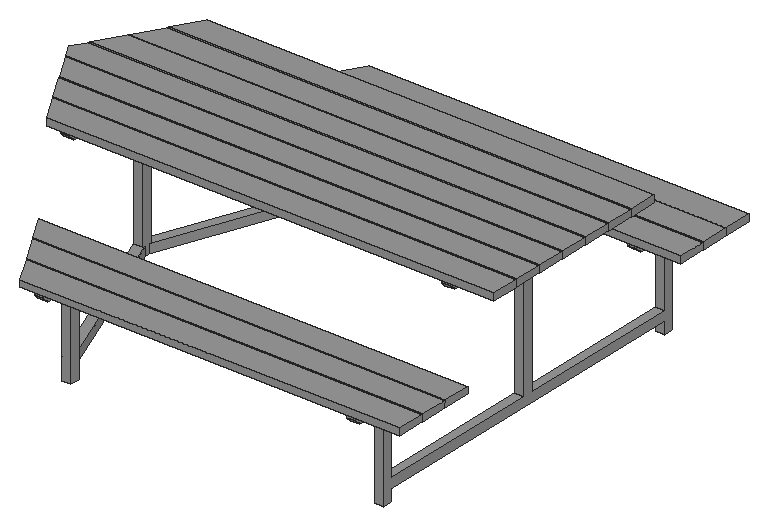
Revit family "Стол модульный Арт 20369", category Антураж, Revit 2018
Family settings
  На основе рабочей плоскости = Нет
  Всегда вертикально = Да
  При загрузке вырезать с полостями = Нет
  Источник визуального образа = Геометрия семейства
  Общий = Нет
  Точка расчета площади = Нет
Parameters (values of type "Стол модульный. Модуль 2")
  Ширина = 1900 mm  # constant formula
  Описание = if(Модуль 1, "Стол модульный. Модуль 1", if(Модуль 2, "Стол модульный. Модуль 2", "Стол модульный. Модуль 3"))  # "Стол модульный. Модуль 2"
  Модуль 3 = no
  Модуль 2 = yes
  Модуль 1 = no
  Материал изделия = "Сталь, дерево"  # constant formula
  Изображение типоразмера = Стол модульный Арт 20369 Модуль 2.jpg
  Изготовитель = "ООО «Хоббика»"  # constant formula
  Длина = if(Модуль 1, 2000 mm, if(Модуль 2, 2200 mm, 2400 mm))  # 2200 mm
  Группа модели = "Уличные столы"  # constant formula
  Высота = 750 mm  # constant formula
  Артикул товара = "Арт. 20369"  # constant formula
  URL = "https://hobbyka.ru/product/stol_modulnyy/"
Types (4, lengths in mm): name | Описание | Модуль 3 | Модуль 2 | Модуль 1 | Изображение типоразмера | Длина
  (no name) | "Стол модульный. Модуль 2" | no | yes | no | Стол модульный Арт 20369 Модуль 2.jpg | 2200
  Стол модульный. Модуль 1 | "Стол модульный. Модуль 1" | no | no | yes | Стол модульный Арт 20369 Модуль 1.jpg | 2000
  Стол модульный. Модуль 2 | "Стол модульный. Модуль 2" | no | yes | no | Стол модульный Арт 20369 Модуль 2.jpg | 2200
  Стол модульный. Модуль 3 | "Стол модульный. Модуль 3" | yes | no | no | Стол модульный Арт 20369 Модуль 3.jpg | 2400
Reference planes
  plane 1 "По центру (Вперед/Назад)": y = 0
  plane 2: z = 0
  plane 3 "По центру (Влево/Вправо)": x = 0
  plane 4: x = 2200
  plane 5: y = 1900
  plane 6: z = 750
Dimensions and locks
  "Длина": plane 3 "По центру (Влево/Вправо)" to plane 4
  "Ширина": plane 5 to plane 1 "По центру (Вперед/Назад)"
  "Высота": plane 6 to level
  aligned and locked: level to plane 2
Nested families
  nested 1: "Стол модульный арт 20369 Модуль 1" at (0, 950, 0), visible <- "Модуль 1", type "Стол модульный арт 20369 Модуль 1"
  nested 2: "Стол модульный арт 20369 Модуль 2" at (0, 950, 0), visible <- "Модуль 2", type "Стол модульный арт 20369 Модуль 2"
  nested 3: "Стол модульный арт 20369 Модуль 3" at (0, 950, 0), visible <- "Модуль 3", type "Стол модульный арт 20369 Модуль 3"
Definition of nested family "Стол модульный арт 20369 Модуль 1"
  Parameters (values of type "Стол модульный арт 20369 Модуль 1")
    Ширина = 1900 mm
    Цвет отделки = none
    Цвет каркаса = none
    Модель 1 = yes
    Manufacturer = "ООО «Хоббика»"  # constant formula
    Длина = 2000 mm
    Model = "Уличные столы"  # constant formula
    Height = 750 mm
    URL = "https://hobbyka.ru/product/stol_modulnyy/"
  Reference planes
    plane 1 "По центру (Вперед/Назад)": y = 0
    plane 2: z = 0
    plane 3 "По центру (Влево/Вправо)": x = 0
    plane 4: z = 750
    plane 5: z = 450
    plane 6: x = 2000
    plane 7: y = 950
    plane 8: y = -950
  Forms (mm)
    Extrusion 1, solid, material <- "Цвет отделки", visible <- "Модель 1"
      sketch origin (0, 0, 0) x (1, 0, 0) y (0, 1, 0)
        loop
          line (0, 315) -> (2000, 315) -> (2000, 435) -> (0, 435) -> (0, 315)
      from 720 to 750
    Extrusion 2, solid, material <- "Цвет отделки", visible <- "Модель 1"
      sketch origin (0, -125, 0) x (1, 0, 0) y (0, 1, 0)
        loop
          line (0, 315) -> (2000, 315) -> (2000, 435) -> (0, 435) -> (0, 315)
      from 720 to 750
    Extrusion 3, solid, material <- "Цвет отделки", visible <- "Модель 1"
      sketch origin (0, -250, 0) x (1, 0, 0) y (0, 1, 0)
        loop
          line (0, 315) -> (2000, 315) -> (2000, 435) -> (0, 435) -> (0, 315)
      from 720 to 750
    Extrusion 4, solid, material <- "Цвет отделки", visible <- "Модель 1"
      sketch origin (0, -375, 0) x (1, 0, 0) y (0, 1, 0)
        loop
          line (0, 315) -> (2000, 315) -> (2000, 435) -> (0, 435) -> (0, 315)
      from 720 to 750
    Extrusion 5, solid, material <- "Цвет отделки", visible <- "Модель 1"
      sketch origin (0, -500, 0) x (1, 0, 0) y (0, 1, 0)
        loop
          line (0, 315) -> (2000, 315) -> (2000, 435) -> (0, 435) -> (0, 315)
      from 720 to 750
    Extrusion 6, solid, material <- "Цвет отделки", visible <- "Модель 1"
      sketch origin (0, -625, 0) x (1, 0, 0) y (0, 1, 0)
        loop
          line (0, 315) -> (2000, 315) -> (2000, 435) -> (0, 435) -> (0, 315)
      from 720 to 750
    Extrusion 7, solid, material <- "Цвет отделки", visible <- "Модель 1"
      sketch origin (0, -750, 0) x (1, 0, 0) y (0, 1, 0)
        loop
          line (0, 315) -> (2000, 315) -> (2000, 435) -> (0, 435) -> (0, 315)
      from 720 to 750
    Extrusion 8, solid, material <- "Цвет отделки", visible <- "Модель 1"
      sketch origin (0, 515, 0) x (1, 0, 0) y (0, 1, 0)
        loop
          line (0, 315) -> (2000, 315) -> (2000, 435) -> (0, 435) -> (0, 315)
      from 420 to 450
    Extrusion 9, solid, material <- "Цвет отделки", visible <- "Модель 1"
      sketch origin (0, 390, 0) x (1, 0, 0) y (0, 1, 0)
        loop
          line (0, 315) -> (2000, 315) -> (2000, 435) -> (0, 435) -> (0, 315)
      from 420 to 450
    Extrusion 10, solid, material <- "Цвет отделки", visible <- "Модель 1"
      sketch origin (0, 265, 0) x (1, 0, 0) y (0, 1, 0)
        loop
          line (0, 315) -> (2000, 315) -> (2000, 435) -> (0, 435) -> (0, 315)
      from 420 to 450
    Extrusion 11, solid, material <- "Цвет отделки", visible <- "Модель 1"
      sketch origin (0, -1015, 0) x (1, 0, 0) y (0, 1, 0)
        loop
          line (0, 315) -> (2000, 315) -> (2000, 435) -> (0, 435) -> (0, 315)
      from 420 to 450
    Extrusion 12, solid, material <- "Цвет отделки", visible <- "Модель 1"
      sketch origin (0, -1140, 0) x (1, 0, 0) y (0, 1, 0)
        loop
          line (0, 315) -> (2000, 315) -> (2000, 435) -> (0, 435) -> (0, 315)
      from 420 to 450
    Extrusion 13, solid, material <- "Цвет отделки", visible <- "Модель 1"
      sketch origin (0, -1265, 0) x (1, 0, 0) y (0, 1, 0)
        loop
          line (0, 315) -> (2000, 315) -> (2000, 435) -> (0, 435) -> (0, 315)
      from 420 to 450
    Extrusion 14, solid, material <- "Цвет каркаса", visible <- "Модель 1"
      sketch origin (0, 0, 0) x (0, 1, 0) y (0, 0, 1)
        loop
          line (420, 720) -> (-420, 720) -> (-420, 700) -> (-400, 680) -> (-20, 680) -> (-20, 94.029) -> (-745, 94.029) -> (-745, 380) -> (-615, 380) -> (-595, 400) -> (-595, 420) -> (-935, 420) -> (-935, 400) -> (-915, 380) -> (-785, 380) -> (-785, 0) -> (-745, 0) -> (-745, 54.029) -> (745, 54.029) -> (745, 0) -> (785, 0) -> (785, 380) -> (915, 380) -> (935, 400) -> (935, 420) -> (595, 420) -> (595, 400) -> (615, 380) -> (745, 380) -> (745, 94.029) -> (20, 94.029) -> (20, 680) -> (400, 680) -> (420, 700) -> (420, 720)
      from 200 to 240
    Extrusion 15, solid, material <- "Цвет каркаса", visible <- "Модель 1"
      sketch origin (0, 0, 0) x (0, 1, 0) y (0, 0, 1)
        loop
          line (420, 720) -> (-420, 720) -> (-420, 700) -> (-400, 680) -> (-20, 680) -> (-20, 94.029) -> (-745, 94.029) -> (-745, 380) -> (-615, 380) -> (-595, 400) -> (-595, 420) -> (-935, 420) -> (-935, 400) -> (-915, 380) -> (-785, 380) -> (-785, 0) -> (-745, 0) -> (-745, 54.029) -> (745, 54.029) -> (745, 0) -> (785, 0) -> (785, 380) -> (915, 380) -> (935, 400) -> (935, 420) -> (595, 420) -> (595, 400) -> (615, 380) -> (745, 380) -> (745, 94.029) -> (20, 94.029) -> (20, 680) -> (400, 680) -> (420, 700) -> (420, 720)
      from 1760 to 1800
  Dimensions and locks
    "Height": plane 4 to level
    plane 5 to level = 450 mm
    "Длина": plane 3 "По центру (Влево/Вправо)" to plane 6
    equal spacing: plane 7, plane 1 "По центру (Вперед/Назад)", plane 8
    "Ширина": plane 7 to plane 8
    aligned and locked: level to plane 2
  Automatic sketch dimensions
    Extrusion 1 sketch curve to plane 3 "По центру (Влево/Вправо)" = 0 mm
    Extrusion 1 sketch curve to plane 1 "По центру (Вперед/Назад)" = 315 mm
    plane 3 "По центру (Влево/Вправо)" to Extrusion 1 sketch curve = 2000 mm
    Extrusion 1 sketch curve to Extrusion 1 sketch curve = 120 mm
    Extrusion 2 sketch curve to plane 3 "По центру (Влево/Вправо)" = 0 mm
    Extrusion 2 sketch curve to plane 1 "По центру (Вперед/Назад)" = 190 mm
    plane 3 "По центру (Влево/Вправо)" to Extrusion 2 sketch curve = 2000 mm
    Extrusion 2 sketch curve to Extrusion 2 sketch curve = 120 mm
    Extrusion 3 sketch curve to plane 3 "По центру (Влево/Вправо)" = 0 mm
    Extrusion 3 sketch curve to plane 1 "По центру (Вперед/Назад)" = 65 mm
    plane 3 "По центру (Влево/Вправо)" to Extrusion 3 sketch curve = 2000 mm
    Extrusion 3 sketch curve to Extrusion 3 sketch curve = 120 mm
    Extrusion 4 sketch curve to plane 3 "По центру (Влево/Вправо)" = 0 mm
    plane 1 "По центру (Вперед/Назад)" to Extrusion 4 sketch curve = 60 mm
    plane 3 "По центру (Влево/Вправо)" to Extrusion 4 sketch curve = 2000 mm
    Extrusion 4 sketch curve to plane 1 "По центру (Вперед/Назад)" = 60 mm
    Extrusion 5 sketch curve to plane 3 "По центру (Влево/Вправо)" = 0 mm
    plane 1 "По центру (Вперед/Назад)" to Extrusion 5 sketch curve = 185 mm
    plane 3 "По центру (Влево/Вправо)" to Extrusion 5 sketch curve = 2000 mm
    plane 1 "По центру (Вперед/Назад)" to Extrusion 5 sketch curve = 65 mm
    Extrusion 6 sketch curve to plane 3 "По центру (Влево/Вправо)" = 0 mm
    plane 1 "По центру (Вперед/Назад)" to Extrusion 6 sketch curve = 310 mm
    plane 3 "По центру (Влево/Вправо)" to Extrusion 6 sketch curve = 2000 mm
    Extrusion 6 sketch curve to Extrusion 6 sketch curve = 120 mm
    Extrusion 7 sketch curve to plane 3 "По центру (Влево/Вправо)" = 0 mm
    plane 1 "По центру (Вперед/Назад)" to Extrusion 7 sketch curve = 435 mm
    plane 3 "По центру (Влево/Вправо)" to Extrusion 7 sketch curve = 2000 mm
    Extrusion 7 sketch curve to Extrusion 7 sketch curve = 120 mm
    Extrusion 8 sketch curve to plane 3 "По центру (Влево/Вправо)" = 0 mm
    Extrusion 8 sketch curve to plane 1 "По центру (Вперед/Назад)" = 830 mm
    plane 3 "По центру (Влево/Вправо)" to Extrusion 8 sketch curve = 2000 mm
    Extrusion 8 sketch curve to Extrusion 8 sketch curve = 120 mm
    Extrusion 9 sketch curve to plane 3 "По центру (Влево/Вправо)" = 0 mm
    Extrusion 9 sketch curve to plane 1 "По центру (Вперед/Назад)" = 705 mm
    plane 3 "По центру (Влево/Вправо)" to Extrusion 9 sketch curve = 2000 mm
    Extrusion 9 sketch curve to Extrusion 9 sketch curve = 120 mm
    Extrusion 10 sketch curve to plane 3 "По центру (Влево/Вправо)" = 0 mm
    Extrusion 10 sketch curve to plane 1 "По центру (Вперед/Назад)" = 580 mm
    plane 3 "По центру (Влево/Вправо)" to Extrusion 10 sketch curve = 2000 mm
    Extrusion 10 sketch curve to Extrusion 10 sketch curve = 120 mm
    Extrusion 11 sketch curve to plane 3 "По центру (Влево/Вправо)" = 0 mm
    plane 1 "По центру (Вперед/Назад)" to Extrusion 11 sketch curve = 700 mm
    plane 3 "По центру (Влево/Вправо)" to Extrusion 11 sketch curve = 2000 mm
    Extrusion 11 sketch curve to Extrusion 11 sketch curve = 120 mm
    Extrusion 12 sketch curve to plane 3 "По центру (Влево/Вправо)" = 0 mm
    plane 1 "По центру (Вперед/Назад)" to Extrusion 12 sketch curve = 825 mm
    plane 3 "По центру (Влево/Вправо)" to Extrusion 12 sketch curve = 2000 mm
    Extrusion 12 sketch curve to Extrusion 12 sketch curve = 120 mm
    Extrusion 13 sketch curve to plane 3 "По центру (Влево/Вправо)" = 0 mm
    plane 1 "По центру (Вперед/Назад)" to Extrusion 13 sketch curve = 950 mm
    plane 3 "По центру (Влево/Вправо)" to Extrusion 13 sketch curve = 2000 mm
    Extrusion 13 sketch curve to Extrusion 13 sketch curve = 120 mm
    Extrusion 14 sketch curve to level = 0 mm  (x2)
    Extrusion 14 sketch curve to plane 5 = 30 mm
    plane 1 "По центру (Вперед/Назад)" to Extrusion 14 sketch curve = 935 mm
    Extrusion 14 sketch curve to plane 5 = 70 mm  (x2)
    Extrusion 14 sketch curve to Extrusion 14 sketch curve = 20 mm  (x10)
    Extrusion 14 sketch curve to Extrusion 14 sketch curve = 130 mm  (x5)
    Extrusion 14 sketch curve to Extrusion 14 sketch curve = 40 mm  (x2)
    Extrusion 14 sketch curve to Extrusion 14 sketch curve = 0 mm  (x5)
    Extrusion 14 sketch curve to plane 5 = 50 mm  (x3)
    Extrusion 14 sketch curve to plane 4 = 50 mm
    Extrusion 14 sketch curve to Extrusion 14 sketch curve = 175 mm
    plane 1 "По центру (Вперед/Назад)" to Extrusion 14 sketch curve = 20 mm
    Extrusion 14 sketch curve to plane 1 "По центру (Вперед/Назад)" = 20 mm
    Extrusion 14 sketch curve to plane 4 = 70 mm
    Extrusion 14 sketch curve to Extrusion 14 sketch curve = 380 mm
    Extrusion 14 sketch curve to Extrusion 14 sketch curve = 195 mm
    level to Extrusion 14 sketch curve = 54.029 mm
    level to Extrusion 14 sketch curve = 94.029 mm
    Extrusion 15 sketch curve to level = 0 mm  (x2)
    Extrusion 15 sketch curve to plane 5 = 30 mm
    plane 1 "По центру (Вперед/Назад)" to Extrusion 15 sketch curve = 935 mm
    Extrusion 15 sketch curve to plane 5 = 70 mm  (x2)
    Extrusion 15 sketch curve to Extrusion 15 sketch curve = 20 mm  (x10)
    Extrusion 15 sketch curve to Extrusion 15 sketch curve = 130 mm  (x5)
    Extrusion 15 sketch curve to Extrusion 15 sketch curve = 40 mm  (x2)
    Extrusion 15 sketch curve to Extrusion 15 sketch curve = 0 mm  (x5)
    Extrusion 15 sketch curve to plane 5 = 50 mm  (x3)
    Extrusion 15 sketch curve to plane 4 = 50 mm
    Extrusion 15 sketch curve to Extrusion 15 sketch curve = 175 mm
    plane 1 "По центру (Вперед/Назад)" to Extrusion 15 sketch curve = 20 mm
    Extrusion 15 sketch curve to plane 1 "По центру (Вперед/Назад)" = 20 mm
    Extrusion 15 sketch curve to plane 4 = 70 mm
    Extrusion 15 sketch curve to Extrusion 15 sketch curve = 380 mm
    Extrusion 15 sketch curve to Extrusion 15 sketch curve = 195 mm
    level to Extrusion 15 sketch curve = 54.029 mm
    level to Extrusion 15 sketch curve = 94.029 mm
Definition of nested family "Стол модульный арт 20369 Модуль 2"
  Parameters (values of type "Стол модульный арт 20369 Модуль 2")
    Ширина = 1900 mm
    Цвет отделки = none
    Цвет каркаса = none
    Модель 1 = yes
    Manufacturer = "ООО «Хоббика»"  # constant formula
    Длина = 2200 mm
    Model = "Уличные столы"  # constant formula
    Height = 750 mm
    URL = "https://hobbyka.ru/product/stol_modulnyy/"
  Reference planes
    plane 1 "По центру (Вперед/Назад)": y = 0
    plane 2: z = 0
    plane 3 "По центру (Влево/Вправо)": x = 0
    plane 4: z = 750
    plane 5: z = 450
    plane 6: x = 2200
    plane 7: y = 950
    plane 8: y = -950
  Forms (mm)
    Extrusion 1, solid, material <- "Цвет отделки", visible <- "Модель 1"
      sketch origin (0, 0, 0) x (1, 0, 0) y (0, 1, 0)
        loop
          line (251.25, 435) -> (181.94, 315) -> (2200, 315) -> (2200, 435) -> (251.25, 435)
      from 720 to 750
    Extrusion 2, solid, material <- "Цвет отделки", visible <- "Модель 1"
      sketch origin (0, -125, 0) x (1, 0, 0) y (0, 1, 0)
        loop
          line (179.052, 435) -> (109.741, 315) -> (2200, 315) -> (2200, 435) -> (179.052, 435)
      from 720 to 750
    Extrusion 3, solid, material <- "Цвет отделки", visible <- "Модель 1"
      sketch origin (0, -250, 0) x (1, 0, 0) y (0, 1, 0)
        loop
          line (106.853, 435) -> (37.543, 315) -> (2200, 315) -> (2200, 435) -> (106.853, 435)
      from 720 to 750
    Extrusion 4, solid, material <- "Цвет отделки", visible <- "Модель 1"
      sketch origin (0, -375, 0) x (1, 0, 0) y (0, 1, 0)
        loop
          line (34.655, 435) -> (0, 375) -> (34.655, 315) -> (2200, 315) -> (2200, 435) -> (34.655, 435)
      from 720 to 750
    Extrusion 5, solid, material <- "Цвет отделки", visible <- "Модель 1"
      sketch origin (0, 515, 0) x (1, 0, 0) y (0, 1, 0)
        loop
          line (548.707, 435) -> (479.397, 315) -> (2200, 315) -> (2200, 435) -> (548.707, 435)
      from 420 to 450
    Extrusion 6, solid, material <- "Цвет отделки", visible <- "Модель 1"
      sketch origin (0, 390, 0) x (1, 0, 0) y (0, 1, 0)
        loop
          line (476.509, 435) -> (407.198, 315) -> (2200, 315) -> (2200, 435) -> (476.509, 435)
      from 420 to 450
    Extrusion 7, solid, material <- "Цвет отделки", visible <- "Модель 1"
      sketch origin (0, 265, 0) x (1, 0, 0) y (0, 1, 0)
        loop
          line (404.31, 435) -> (335, 315) -> (2200, 315) -> (2200, 435) -> (404.31, 435)
      from 420 to 450
    Extrusion 8, solid, material <- "Цвет каркаса", visible <- "Модель 1"
      sketch origin (0, 0, 0) x (0, 1, 0) y (0, 0, 1)
        loop
          line (420, 720) -> (-420, 720) -> (-420, 700) -> (-400, 680) -> (-20, 680) -> (-20, 54.029) -> (20, 54.029) -> (20, 680) -> (400, 680) -> (420, 700) -> (420, 720)
      from 300 to 340
    Extrusion 9, solid, material <- "Цвет каркаса", visible <- "Модель 1"
      sketch origin (0, 0, 0) x (0, 1, 0) y (0, 0, 1)
        loop
          line (420, 720) -> (-420, 720) -> (-420, 700) -> (-400, 680) -> (-20, 680) -> (-20, 94.029) -> (-745, 94.029) -> (-745, 380) -> (-615, 380) -> (-595, 400) -> (-595, 420) -> (-935, 420) -> (-935, 400) -> (-915, 380) -> (-785, 380) -> (-785, 0) -> (-745, 0) -> (-745, 54.029) -> (745, 54.029) -> (745, 0) -> (785, 0) -> (785, 380) -> (915, 380) -> (935, 400) -> (935, 420) -> (595, 420) -> (595, 400) -> (615, 380) -> (745, 380) -> (745, 94.029) -> (20, 94.029) -> (20, 680) -> (400, 680) -> (420, 700) -> (420, 720)
      from 1960 to 2000
    Extrusion 10, solid, material <- "Цвет каркаса", visible <- "Модель 1"
      sketch origin (0, 0, 0) x (0, 1, 0) y (0, 0, 1)
        loop
          line (935, 420) -> (595, 420) -> (595, 400) -> (615, 380) -> (745, 380) -> (745, 0) -> (785, 0) -> (785, 380) -> (915, 380) -> (935, 400) -> (935, 420)
        loop
          line (-935, 420) -> (-935, 400) -> (-915, 380) -> (-785, 380) -> (-785, 0) -> (-745, 0) -> (-745, 380) -> (-615, 380) -> (-595, 400) -> (-595, 420) -> (-935, 420)
      from 598.707 to 638.707
    Extrusion 11, solid, material <- "Цвет каркаса", visible <- "Модель 1"
      sketch origin (0, 0, 0) x (1, 0, 0) y (0, 1, 0)
        loop
          line (598.707, 785) -> (292.191, 0) -> (598.707, -785) -> (638.707, -785) -> (638.707, -777.468) -> (335.132, 0) -> (638.707, 777.468) -> (638.707, 785) -> (598.707, 785)
      from 54.029 to 94.029
    Extrusion 12, solid, material <- "Цвет отделки", visible <- "Модель 1"
      sketch origin (0, 0, 0) x (1, 0, 0) y (0, 1, 0)
        loop
          line (251.25, -435) -> (2200, -435) -> (2200, -315) -> (181.94, -315) -> (251.25, -435)
      from 720 to 750
    Extrusion 13, solid, material <- "Цвет отделки", visible <- "Модель 1"
      sketch origin (0, 125, 0) x (1, 0, 0) y (0, 1, 0)
        loop
          line (179.052, -435) -> (2200, -435) -> (2200, -315) -> (109.741, -315) -> (179.052, -435)
      from 720 to 750
    Extrusion 14, solid, material <- "Цвет отделки", visible <- "Модель 1"
      sketch origin (0, 250, 0) x (1, 0, 0) y (0, 1, 0)
        loop
          line (106.853, -435) -> (2200, -435) -> (2200, -315) -> (37.543, -315) -> (106.853, -435)
      from 720 to 750
    Extrusion 15, solid, material <- "Цвет отделки", visible <- "Модель 1"
      sketch origin (0, -515, 0) x (1, 0, 0) y (0, 1, 0)
        loop
          line (548.707, -435) -> (2200, -435) -> (2200, -315) -> (479.397, -315) -> (548.707, -435)
      from 420 to 450
    Extrusion 16, solid, material <- "Цвет отделки", visible <- "Модель 1"
      sketch origin (0, -390, 0) x (1, 0, 0) y (0, 1, 0)
        loop
          line (476.509, -435) -> (2200, -435) -> (2200, -315) -> (407.198, -315) -> (476.509, -435)
      from 420 to 450
    Extrusion 17, solid, material <- "Цвет отделки", visible <- "Модель 1"
      sketch origin (0, -265, 0) x (1, 0, 0) y (0, 1, 0)
        loop
          line (404.31, -435) -> (2200, -435) -> (2200, -315) -> (335, -315) -> (404.31, -435)
      from 420 to 450
  Cuts and joins
    joined: Extrusion 8, Extrusion 10, Extrusion 11
  Dimensions and locks
    "Height": plane 4 to level
    plane 5 to level = 450 mm
    "Длина": plane 3 "По центру (Влево/Вправо)" to plane 6
    equal spacing: plane 7, plane 1 "По центру (Вперед/Назад)", plane 8
    "Ширина": plane 7 to plane 8
    Extrusion 9 to Extrusion 9 to plane 6 = 40 mm locked, 200 mm locked
    aligned and locked: level to plane 2
  Automatic sketch dimensions
    Extrusion 1 sketch curve to plane 6 = 0 mm
    plane 3 "По центру (Влево/Вправо)" to Extrusion 1 sketch curve = 251.25 mm
    Extrusion 1 sketch curve to Extrusion 1 sketch curve = 69.31 mm
    Extrusion 1 sketch curve to plane 1 "По центру (Вперед/Назад)" = 315 mm
    Extrusion 1 sketch curve to Extrusion 1 sketch curve = 120 mm
    Extrusion 2 sketch curve to plane 6 = 0 mm
    plane 3 "По центру (Влево/Вправо)" to Extrusion 2 sketch curve = 179.052 mm
    plane 3 "По центру (Влево/Вправо)" to Extrusion 2 sketch curve = 109.741 mm
    Extrusion 2 sketch curve to plane 1 "По центру (Вперед/Назад)" = 190 mm
    Extrusion 2 sketch curve to Extrusion 2 sketch curve = 120 mm
    Extrusion 3 sketch curve to plane 6 = 0 mm
    plane 3 "По центру (Влево/Вправо)" to Extrusion 3 sketch curve = 106.853 mm
    plane 3 "По центру (Влево/Вправо)" to Extrusion 3 sketch curve = 37.543 mm
    Extrusion 3 sketch curve to plane 1 "По центру (Вперед/Назад)" = 65 mm
    Extrusion 3 sketch curve to Extrusion 3 sketch curve = 120 mm
    plane 1 "По центру (Вперед/Назад)" to Extrusion 4 sketch curve = 0 mm
    Extrusion 4 sketch curve to plane 3 "По центру (Влево/Вправо)" = 0 mm
    Extrusion 4 sketch curve to plane 6 = 0 mm
    plane 3 "По центру (Влево/Вправо)" to Extrusion 4 sketch curve = 34.655 mm  (x2)
    plane 1 "По центру (Вперед/Назад)" to Extrusion 4 sketch curve = 60 mm
    Extrusion 4 sketch curve to plane 1 "По центру (Вперед/Назад)" = 60 mm
    Extrusion 5 sketch curve to plane 7 = 0 mm
    Extrusion 5 sketch curve to plane 6 = 0 mm
    plane 3 "По центру (Влево/Вправо)" to Extrusion 5 sketch curve = 548.707 mm
    Extrusion 5 sketch curve to Extrusion 5 sketch curve = 69.31 mm
    Extrusion 5 sketch curve to plane 7 = 120 mm
    Extrusion 6 sketch curve to plane 6 = 0 mm
    Extrusion 6 sketch curve to plane 7 = 125 mm
    plane 3 "По центру (Влево/Вправо)" to Extrusion 6 sketch curve = 476.509 mm
    Extrusion 6 sketch curve to Extrusion 6 sketch curve = 69.31 mm
    Extrusion 6 sketch curve to Extrusion 6 sketch curve = 120 mm
    Extrusion 7 sketch curve to plane 6 = 0 mm
    plane 3 "По центру (Влево/Вправо)" to Extrusion 7 sketch curve = 404.31 mm
    Extrusion 7 sketch curve to Extrusion 7 sketch curve = 69.31 mm
    Extrusion 7 sketch curve to plane 7 = 370 mm
    Extrusion 7 sketch curve to Extrusion 7 sketch curve = 120 mm
    Extrusion 8 sketch curve to plane 4 = 30 mm
    plane 1 "По центру (Вперед/Назад)" to Extrusion 8 sketch curve = 420 mm
    Extrusion 8 sketch curve to plane 4 = 70 mm  (x2)
    Extrusion 8 sketch curve to Extrusion 8 sketch curve = 20 mm  (x4)
    plane 1 "По центру (Вперед/Назад)" to Extrusion 8 sketch curve = 20 mm
    Extrusion 8 sketch curve to plane 1 "По центру (Вперед/Назад)" = 20 mm
    Extrusion 8 sketch curve to Extrusion 8 sketch curve = 380 mm
    level to Extrusion 8 sketch curve = 54.029 mm
    Extrusion 9 sketch curve to level = 0 mm  (x2)
    plane 8 to Extrusion 9 sketch curve = 15 mm
    Extrusion 9 sketch curve to Extrusion 9 sketch curve = 20 mm  (x11)
    plane 8 to Extrusion 9 sketch curve = 165 mm
    Extrusion 9 sketch curve to Extrusion 9 sketch curve = 40 mm  (x2)
    Extrusion 9 sketch curve to Extrusion 9 sketch curve = 0 mm  (x4)
    Extrusion 9 sketch curve to Extrusion 9 sketch curve = 130 mm  (x2)
    Extrusion 9 sketch curve to plane 5 = 50 mm  (x2)
    Extrusion 9 sketch curve to plane 4 = 50 mm
    Extrusion 9 sketch curve to Extrusion 9 sketch curve = 175 mm
    plane 1 "По центру (Вперед/Назад)" to Extrusion 9 sketch curve = 20 mm
    Extrusion 9 sketch curve to plane 1 "По центру (Вперед/Назад)" = 20 mm
    Extrusion 9 sketch curve to plane 4 = 70 mm
    Extrusion 9 sketch curve to Extrusion 9 sketch curve = 380 mm
    Extrusion 9 sketch curve to Extrusion 9 sketch curve = 195 mm
    level to Extrusion 9 sketch curve = 54.029 mm
    Extrusion 9 sketch curve to plane 7 = 205 mm
    Extrusion 9 sketch curve to plane 7 = 35 mm
    Extrusion 9 sketch curve to plane 7 = 15 mm
    level to Extrusion 9 sketch curve = 94.029 mm
    Extrusion 9 sketch curve to plane 5 = 70 mm  (x3)
    Extrusion 10 sketch curve to level = 0 mm  (x2)
    plane 8 to Extrusion 10 sketch curve = 15 mm
    Extrusion 10 sketch curve to Extrusion 10 sketch curve = 20 mm  (x8)
    Extrusion 10 sketch curve to Extrusion 10 sketch curve = 130 mm  (x2)
    Extrusion 10 sketch curve to Extrusion 10 sketch curve = 40 mm  (x2)
    Extrusion 10 sketch curve to plane 5 = 70 mm  (x3)
    Extrusion 10 sketch curve to plane 5 = 50 mm
    Extrusion 10 sketch curve to plane 7 = 355 mm
    Extrusion 10 sketch curve to plane 7 = 205 mm
    Extrusion 10 sketch curve to plane 7 = 35 mm
    Extrusion 10 sketch curve to plane 7 = 15 mm
    Extrusion 10 sketch curve to Extrusion 10 sketch curve = 0 mm
    plane 1 "По центру (Вперед/Назад)" to Extrusion 11 sketch curve = 0 mm  (x2)
    plane 3 "По центру (Влево/Вправо)" to Extrusion 11 sketch curve = 292.191 mm
    Extrusion 11 sketch curve to Extrusion 11 sketch curve = 42.941 mm
    plane 8 to Extrusion 11 sketch curve = 165 mm
    plane 3 "По центру (Влево/Вправо)" to Extrusion 11 sketch curve = 598.707 mm  (x2)
    Extrusion 11 sketch curve to plane 7 = 165 mm
    Extrusion 11 sketch curve to Extrusion 11 sketch curve = 40 mm  (x2)
    Extrusion 11 sketch curve to Extrusion 11 sketch curve = 7.532 mm  (x2)
    Extrusion 12 sketch curve to plane 6 = 0 mm
    Extrusion 12 sketch curve to plane 3 "По центру (Влево/Вправо)" = 251.25 mm
    Extrusion 12 sketch curve to Extrusion 12 sketch curve = 69.31 mm
    Extrusion 12 sketch curve to plane 1 "По центру (Вперед/Назад)" = 315 mm
    Extrusion 12 sketch curve to Extrusion 12 sketch curve = 120 mm
    Extrusion 13 sketch curve to plane 6 = 0 mm
    Extrusion 13 sketch curve to plane 3 "По центру (Влево/Вправо)" = 179.052 mm
    Extrusion 13 sketch curve to plane 3 "По центру (Влево/Вправо)" = 109.741 mm
    Extrusion 13 sketch curve to plane 1 "По центру (Вперед/Назад)" = 190 mm
    Extrusion 13 sketch curve to Extrusion 13 sketch curve = 120 mm
    Extrusion 14 sketch curve to plane 6 = 0 mm
    Extrusion 14 sketch curve to plane 3 "По центру (Влево/Вправо)" = 106.853 mm
    Extrusion 14 sketch curve to plane 3 "По центру (Влево/Вправо)" = 37.543 mm
    Extrusion 14 sketch curve to plane 1 "По центру (Вперед/Назад)" = 65 mm
    Extrusion 14 sketch curve to Extrusion 14 sketch curve = 120 mm
    Extrusion 15 sketch curve to plane 8 = 0 mm
    Extrusion 15 sketch curve to plane 6 = 0 mm
    Extrusion 15 sketch curve to plane 3 "По центру (Влево/Вправо)" = 548.707 mm
    Extrusion 15 sketch curve to Extrusion 15 sketch curve = 69.31 mm
    Extrusion 15 sketch curve to plane 8 = 120 mm
    Extrusion 16 sketch curve to plane 6 = 0 mm
    Extrusion 16 sketch curve to plane 8 = 125 mm
    Extrusion 16 sketch curve to plane 3 "По центру (Влево/Вправо)" = 476.509 mm
    Extrusion 16 sketch curve to Extrusion 16 sketch curve = 69.31 mm
    Extrusion 16 sketch curve to Extrusion 16 sketch curve = 120 mm
    Extrusion 17 sketch curve to plane 6 = 0 mm
    Extrusion 17 sketch curve to plane 3 "По центру (Влево/Вправо)" = 404.31 mm
    Extrusion 17 sketch curve to Extrusion 17 sketch curve = 69.31 mm
    Extrusion 17 sketch curve to plane 8 = 370 mm
    Extrusion 17 sketch curve to Extrusion 17 sketch curve = 120 mm
Definition of nested family "Стол модульный арт 20369 Модуль 3"
  Parameters (values of type "Стол модульный арт 20369 Модуль 3")
    Ширина = 1900 mm
    Цвет отделки = none
    Цвет каркаса = none
    Модель 1 = yes
    Manufacturer = "ООО «Хоббика»"  # constant formula
    Длина = 2400 mm
    Model = "Уличные столы"  # constant formula
    Height = 750 mm
    URL = "https://hobbyka.ru/product/stol_modulnyy/"
  Reference planes
    plane 1 "По центру (Вперед/Назад)": y = 0
    plane 2: z = 0
    plane 3 "По центру (Влево/Вправо)": x = 0
    plane 4: z = 750
    plane 5: z = 450
    plane 6: x = 2400
    plane 7: y = 950
    plane 8: y = -950
  Forms (mm)
    Extrusion 1, solid, material <- "Цвет отделки", visible <- "Модель 1"
      sketch origin (0, 0, 0) x (1, 0, 0) y (0, 1, 0)
        loop
          line (251.25, 435) -> (181.94, 315) -> (2218.135, 315) -> (2148.853, 435) -> (251.25, 435)
      from 720 to 750
    Extrusion 2, solid, material <- "Цвет отделки", visible <- "Модель 1"
      sketch origin (0, -125, 0) x (1, 0, 0) y (0, 1, 0)
        loop
          line (179.052, 435) -> (109.741, 315) -> (2290.303, 315) -> (2221.021, 435) -> (179.052, 435)
      from 720 to 750
    Extrusion 3, solid, material <- "Цвет отделки", visible <- "Модель 1"
      sketch origin (0, -250, 0) x (1, 0, 0) y (0, 1, 0)
        loop
          line (106.853, 435) -> (37.543, 315) -> (2362.472, 315) -> (2293.19, 435) -> (106.853, 435)
      from 720 to 750
    Extrusion 4, solid, material <- "Цвет отделки", visible <- "Модель 1"
      sketch origin (0, -375, 0) x (1, 0, 0) y (0, 1, 0)
        loop
          line (34.655, 435) -> (0, 375) -> (34.655, 315) -> (2365.359, 315) -> (2400, 375) -> (2365.359, 435) -> (34.655, 435)
      from 720 to 750
    Extrusion 5, solid, material <- "Цвет отделки", visible <- "Модель 1"
      sketch origin (0, 515, 0) x (1, 0, 0) y (0, 1, 0)
        loop
          line (548.707, 435) -> (479.397, 315) -> (1920.799, 315) -> (1851.517, 435) -> (548.707, 435)
      from 420 to 450
    Extrusion 6, solid, material <- "Цвет отделки", visible <- "Модель 1"
      sketch origin (0, 390, 0) x (1, 0, 0) y (0, 1, 0)
        loop
          line (476.509, 435) -> (407.198, 315) -> (1992.968, 315) -> (1923.686, 435) -> (476.509, 435)
      from 420 to 450
    Extrusion 7, solid, material <- "Цвет отделки", visible <- "Модель 1"
      sketch origin (0, 265, 0) x (1, 0, 0) y (0, 1, 0)
        loop
          line (404.31, 435) -> (335, 315) -> (2065.137, 315) -> (1995.855, 435) -> (404.31, 435)
      from 420 to 450
    Extrusion 8, solid, material <- "Цвет каркаса", visible <- "Модель 1"
      sketch origin (0, 0, 0) x (0, 1, 0) y (0, 0, 1)
        loop
          line (420, 720) -> (-420, 720) -> (-420, 700) -> (-400, 680) -> (-20, 680) -> (-20, 54.029) -> (20, 54.029) -> (20, 680) -> (400, 680) -> (420, 700) -> (420, 720)
      from 300 to 340
    Extrusion 9, solid, material <- "Цвет каркаса", visible <- "Модель 1"
      sketch origin (0, 0, 0) x (0, 1, 0) y (0, 0, 1)
        loop
          line (935, 420) -> (595, 420) -> (595, 400) -> (615, 380) -> (745, 380) -> (745, 0) -> (785, 0) -> (785, 380) -> (915, 380) -> (935, 400) -> (935, 420)
        loop
          line (-935, 420) -> (-935, 400) -> (-915, 380) -> (-785, 380) -> (-785, 0) -> (-745, 0) -> (-745, 380) -> (-615, 380) -> (-595, 400) -> (-595, 420) -> (-935, 420)
      from 598.707 to 638.707
    Extrusion 10, solid, material <- "Цвет каркаса", visible <- "Модель 1"
      sketch origin (0, 0, 0) x (1, 0, 0) y (0, 1, 0)
        loop
          line (598.707, 785) -> (292.191, 0) -> (598.707, -785) -> (638.707, -785) -> (638.707, -777.468) -> (335.132, 0) -> (638.707, 777.468) -> (638.707, 785) -> (598.707, 785)
      from 54.029 to 94.029
    Extrusion 11, solid, material <- "Цвет каркаса", visible <- "Модель 1"
      sketch origin (2400, 0, 0) x (0, 1, 0) y (0, 0, -1)
        loop
          line (420, -720) -> (420, -700) -> (400, -680) -> (20, -680) -> (20, -54.029) -> (-20, -54.029) -> (-20, -680) -> (-400, -680) -> (-420, -700) -> (-420, -720) -> (420, -720)
      from 300 to 340
    Extrusion 12, solid, material <- "Цвет каркаса", visible <- "Модель 1"
      sketch origin (2400, 0, 0) x (0, 1, 0) y (0, 0, -1)
        loop
          line (935, -420) -> (935, -400) -> (915, -380) -> (785, -380) -> (785, 0) -> (745, 0) -> (745, -380) -> (615, -380) -> (595, -400) -> (595, -420) -> (935, -420)
        loop
          line (-935, -420) -> (-595, -420) -> (-595, -400) -> (-615, -380) -> (-745, -380) -> (-745, 0) -> (-785, 0) -> (-785, -380) -> (-915, -380) -> (-935, -400) -> (-935, -420)
      from 598.707 to 638.707
    Extrusion 13, solid, material <- "Цвет каркаса", visible <- "Модель 1"
      sketch origin (2400, 0, 0) x (-1, 0, 0) y (0, -1, 0)
        loop
          line (598.707, -785) -> (638.707, -785) -> (638.707, -777.468) -> (335.132, 0) -> (638.707, 777.468) -> (638.707, 785) -> (598.707, 785) -> (292.191, 0) -> (598.707, -785)
      from 54.029 to 94.029
    Extrusion 14, solid, material <- "Цвет отделки", visible <- "Модель 1"
      sketch origin (0, 0, 0) x (1, 0, 0) y (0, 1, 0)
        loop
          line (251.25, -435) -> (2148.853, -435) -> (2218.135, -315) -> (181.94, -315) -> (251.25, -435)
      from 720 to 750
    Extrusion 15, solid, material <- "Цвет отделки", visible <- "Модель 1"
      sketch origin (0, 125, 0) x (1, 0, 0) y (0, 1, 0)
        loop
          line (179.052, -435) -> (2221.021, -435) -> (2290.303, -315) -> (109.741, -315) -> (179.052, -435)
      from 720 to 750
    Extrusion 16, solid, material <- "Цвет отделки", visible <- "Модель 1"
      sketch origin (0, 250, 0) x (1, 0, 0) y (0, 1, 0)
        loop
          line (106.853, -435) -> (2293.19, -435) -> (2362.472, -315) -> (37.543, -315) -> (106.853, -435)
      from 720 to 750
    Extrusion 17, solid, material <- "Цвет отделки", visible <- "Модель 1"
      sketch origin (0, -515, 0) x (1, 0, 0) y (0, 1, 0)
        loop
          line (548.707, -435) -> (1851.517, -435) -> (1920.799, -315) -> (479.397, -315) -> (548.707, -435)
      from 420 to 450
    Extrusion 18, solid, material <- "Цвет отделки", visible <- "Модель 1"
      sketch origin (0, -390, 0) x (1, 0, 0) y (0, 1, 0)
        loop
          line (476.509, -435) -> (1923.686, -435) -> (1992.968, -315) -> (407.198, -315) -> (476.509, -435)
      from 420 to 450
    Extrusion 19, solid, material <- "Цвет отделки", visible <- "Модель 1"
      sketch origin (0, -265, 0) x (1, 0, 0) y (0, 1, 0)
        loop
          line (404.31, -435) -> (1995.855, -435) -> (2065.137, -315) -> (335, -315) -> (404.31, -435)
      from 420 to 450
  Cuts and joins
    joined: Extrusion 8, Extrusion 9, Extrusion 10
    joined: Extrusion 11, Extrusion 12, Extrusion 13
  Dimensions and locks
    "Height": plane 4 to level
    plane 5 to level = 450 mm
    "Длина": plane 3 "По центру (Влево/Вправо)" to plane 6
    equal spacing: plane 7, plane 1 "По центру (Вперед/Назад)", plane 8
    "Ширина": plane 7 to plane 8
    plane 3 "По центру (Влево/Вправо)" to plane 6 = 2400 mm
    aligned and locked: level to plane 2
  Automatic sketch dimensions
    plane 3 "По центру (Влево/Вправо)" to Extrusion 1 sketch curve = 181.94 mm
    Extrusion 1 sketch curve to Extrusion 1 sketch curve = 69.31 mm
    Extrusion 1 sketch curve to plane 6 = 251.147 mm
    Extrusion 1 sketch curve to Extrusion 1 sketch curve = 69.282 mm
    Extrusion 1 sketch curve to plane 1 "По центру (Вперед/Назад)" = 315 mm
    Extrusion 1 sketch curve to Extrusion 1 sketch curve = 120 mm
    plane 3 "По центру (Влево/Вправо)" to Extrusion 2 sketch curve = 109.741 mm
    Extrusion 2 sketch curve to Extrusion 2 sketch curve = 69.31 mm
    Extrusion 2 sketch curve to plane 6 = 178.979 mm
    Extrusion 2 sketch curve to plane 6 = 109.697 mm
    Extrusion 2 sketch curve to plane 1 "По центру (Вперед/Назад)" = 190 mm
    Extrusion 2 sketch curve to Extrusion 2 sketch curve = 120 mm
    plane 3 "По центру (Влево/Вправо)" to Extrusion 3 sketch curve = 37.543 mm
    plane 3 "По центру (Влево/Вправо)" to Extrusion 3 sketch curve = 106.853 mm
    Extrusion 3 sketch curve to plane 6 = 106.81 mm
    Extrusion 3 sketch curve to plane 6 = 37.528 mm
    Extrusion 3 sketch curve to plane 1 "По центру (Вперед/Назад)" = 65 mm
    Extrusion 3 sketch curve to Extrusion 3 sketch curve = 120 mm
    plane 1 "По центру (Вперед/Назад)" to Extrusion 4 sketch curve = 0 mm  (x2)
    Extrusion 4 sketch curve to plane 3 "По центру (Влево/Вправо)" = 0 mm
    Extrusion 4 sketch curve to plane 6 = 0 mm
    plane 3 "По центру (Влево/Вправо)" to Extrusion 4 sketch curve = 34.655 mm  (x2)
    Extrusion 4 sketch curve to plane 6 = 34.641 mm  (x2)
    plane 1 "По центру (Вперед/Назад)" to Extrusion 4 sketch curve = 60 mm
    Extrusion 4 sketch curve to plane 1 "По центру (Вперед/Назад)" = 60 mm
    Extrusion 5 sketch curve to plane 7 = 0 mm
    Extrusion 5 sketch curve to plane 7 = 120 mm
    plane 3 "По центру (Влево/Вправо)" to Extrusion 5 sketch curve = 479.397 mm
    Extrusion 5 sketch curve to Extrusion 5 sketch curve = 69.31 mm
    Extrusion 5 sketch curve to plane 6 = 548.483 mm
    Extrusion 5 sketch curve to Extrusion 5 sketch curve = 69.282 mm
    plane 3 "По центру (Влево/Вправо)" to Extrusion 6 sketch curve = 407.198 mm
    Extrusion 6 sketch curve to plane 7 = 125 mm
    Extrusion 6 sketch curve to Extrusion 6 sketch curve = 69.31 mm
    Extrusion 6 sketch curve to plane 6 = 476.314 mm
    Extrusion 6 sketch curve to Extrusion 6 sketch curve = 69.282 mm
    Extrusion 6 sketch curve to Extrusion 6 sketch curve = 120 mm
    plane 3 "По центру (Влево/Вправо)" to Extrusion 7 sketch curve = 335 mm
    Extrusion 7 sketch curve to Extrusion 7 sketch curve = 69.31 mm
    Extrusion 7 sketch curve to plane 6 = 404.145 mm
    Extrusion 7 sketch curve to Extrusion 7 sketch curve = 69.282 mm
    Extrusion 7 sketch curve to plane 7 = 370 mm
    Extrusion 7 sketch curve to Extrusion 7 sketch curve = 120 mm
    Extrusion 8 sketch curve to plane 4 = 30 mm
    plane 1 "По центру (Вперед/Назад)" to Extrusion 8 sketch curve = 420 mm
    Extrusion 8 sketch curve to plane 4 = 70 mm  (x2)
    Extrusion 8 sketch curve to Extrusion 8 sketch curve = 20 mm  (x4)
    plane 1 "По центру (Вперед/Назад)" to Extrusion 8 sketch curve = 20 mm
    Extrusion 8 sketch curve to plane 1 "По центру (Вперед/Назад)" = 20 mm
    Extrusion 8 sketch curve to Extrusion 8 sketch curve = 380 mm
    level to Extrusion 8 sketch curve = 54.029 mm
    Extrusion 9 sketch curve to level = 0 mm  (x2)
    plane 8 to Extrusion 9 sketch curve = 15 mm
    Extrusion 9 sketch curve to Extrusion 9 sketch curve = 20 mm  (x8)
    Extrusion 9 sketch curve to Extrusion 9 sketch curve = 130 mm  (x2)
    Extrusion 9 sketch curve to Extrusion 9 sketch curve = 40 mm  (x2)
    Extrusion 9 sketch curve to plane 5 = 70 mm  (x3)
    Extrusion 9 sketch curve to plane 5 = 50 mm
    Extrusion 9 sketch curve to plane 7 = 355 mm
    Extrusion 9 sketch curve to plane 7 = 205 mm
    Extrusion 9 sketch curve to plane 7 = 35 mm
    Extrusion 9 sketch curve to plane 7 = 15 mm
    Extrusion 9 sketch curve to Extrusion 9 sketch curve = 0 mm
    plane 1 "По центру (Вперед/Назад)" to Extrusion 10 sketch curve = 0 mm  (x2)
    plane 3 "По центру (Влево/Вправо)" to Extrusion 10 sketch curve = 292.191 mm
    Extrusion 10 sketch curve to Extrusion 10 sketch curve = 42.941 mm
    plane 8 to Extrusion 10 sketch curve = 165 mm
    plane 3 "По центру (Влево/Вправо)" to Extrusion 10 sketch curve = 598.707 mm  (x2)
    Extrusion 10 sketch curve to plane 7 = 165 mm
    Extrusion 10 sketch curve to Extrusion 10 sketch curve = 40 mm  (x2)
    Extrusion 10 sketch curve to Extrusion 10 sketch curve = 7.532 mm  (x2)
    Extrusion 11 sketch curve to plane 4 = 30 mm
    plane 1 "По центру (Вперед/Назад)" to Extrusion 11 sketch curve = 420 mm
    Extrusion 11 sketch curve to plane 4 = 70 mm  (x2)
    Extrusion 11 sketch curve to Extrusion 11 sketch curve = 20 mm  (x4)
    plane 1 "По центру (Вперед/Назад)" to Extrusion 11 sketch curve = 20 mm
    Extrusion 11 sketch curve to plane 1 "По центру (Вперед/Назад)" = 20 mm
    Extrusion 11 sketch curve to Extrusion 11 sketch curve = 380 mm
    level to Extrusion 11 sketch curve = 54.029 mm
    Extrusion 12 sketch curve to level = 0 mm  (x2)
    plane 8 to Extrusion 12 sketch curve = 15 mm
    Extrusion 12 sketch curve to Extrusion 12 sketch curve = 20 mm  (x7)
    Extrusion 12 sketch curve to Extrusion 12 sketch curve = 130 mm  (x2)
    Extrusion 12 sketch curve to Extrusion 12 sketch curve = 40 mm  (x2)
    Extrusion 12 sketch curve to plane 5 = 70 mm  (x2)
    Extrusion 12 sketch curve to plane 5 = 50 mm
    Extrusion 12 sketch curve to plane 7 = 355 mm
    Extrusion 12 sketch curve to plane 7 = 205 mm
    Extrusion 12 sketch curve to plane 7 = 35 mm
    Extrusion 12 sketch curve to plane 7 = 15 mm
    Extrusion 12 sketch curve to plane 5 = 30 mm
    Extrusion 12 sketch curve to Extrusion 12 sketch curve = 0 mm  (x2)
    plane 1 "По центру (Вперед/Назад)" to Extrusion 13 sketch curve = 0 mm  (x2)
    plane 6 to Extrusion 13 sketch curve = 292.191 mm
    Extrusion 13 sketch curve to Extrusion 13 sketch curve = 42.941 mm
    Extrusion 13 sketch curve to plane 8 = 165 mm
    plane 6 to Extrusion 13 sketch curve = 598.707 mm  (x2)
    plane 7 to Extrusion 13 sketch curve = 165 mm
    Extrusion 13 sketch curve to Extrusion 13 sketch curve = 40 mm  (x2)
    Extrusion 13 sketch curve to Extrusion 13 sketch curve = 7.532 mm  (x2)
    Extrusion 14 sketch curve to plane 3 "По центру (Влево/Вправо)" = 181.94 mm
    Extrusion 14 sketch curve to Extrusion 14 sketch curve = 69.31 mm
    plane 6 to Extrusion 14 sketch curve = 251.147 mm
    Extrusion 14 sketch curve to Extrusion 14 sketch curve = 69.282 mm
    Extrusion 14 sketch curve to plane 1 "По центру (Вперед/Назад)" = 315 mm
    Extrusion 14 sketch curve to Extrusion 14 sketch curve = 120 mm
    Extrusion 15 sketch curve to plane 3 "По центру (Влево/Вправо)" = 109.741 mm
    Extrusion 15 sketch curve to Extrusion 15 sketch curve = 69.31 mm
    plane 6 to Extrusion 15 sketch curve = 178.979 mm
    plane 6 to Extrusion 15 sketch curve = 109.697 mm
    Extrusion 15 sketch curve to plane 1 "По центру (Вперед/Назад)" = 190 mm
    Extrusion 15 sketch curve to Extrusion 15 sketch curve = 120 mm
    Extrusion 16 sketch curve to plane 3 "По центру (Влево/Вправо)" = 37.543 mm
    Extrusion 16 sketch curve to plane 3 "По центру (Влево/Вправо)" = 106.853 mm
    plane 6 to Extrusion 16 sketch curve = 106.81 mm
    plane 6 to Extrusion 16 sketch curve = 37.528 mm
    Extrusion 16 sketch curve to plane 1 "По центру (Вперед/Назад)" = 65 mm
    Extrusion 16 sketch curve to Extrusion 16 sketch curve = 120 mm
    Extrusion 17 sketch curve to plane 8 = 0 mm
    Extrusion 17 sketch curve to plane 8 = 120 mm
    Extrusion 17 sketch curve to plane 3 "По центру (Влево/Вправо)" = 479.397 mm
    Extrusion 17 sketch curve to Extrusion 17 sketch curve = 69.31 mm
    plane 6 to Extrusion 17 sketch curve = 548.483 mm
    Extrusion 17 sketch curve to Extrusion 17 sketch curve = 69.282 mm
    Extrusion 18 sketch curve to plane 3 "По центру (Влево/Вправо)" = 407.198 mm
    Extrusion 18 sketch curve to plane 8 = 125 mm
    Extrusion 18 sketch curve to Extrusion 18 sketch curve = 69.31 mm
    plane 6 to Extrusion 18 sketch curve = 476.314 mm
    Extrusion 18 sketch curve to Extrusion 18 sketch curve = 69.282 mm
    Extrusion 18 sketch curve to Extrusion 18 sketch curve = 120 mm
    Extrusion 19 sketch curve to plane 3 "По центру (Влево/Вправо)" = 335 mm
    Extrusion 19 sketch curve to Extrusion 19 sketch curve = 69.31 mm
    plane 6 to Extrusion 19 sketch curve = 404.145 mm
    Extrusion 19 sketch curve to Extrusion 19 sketch curve = 69.282 mm
    Extrusion 19 sketch curve to plane 8 = 370 mm
    Extrusion 19 sketch curve to Extrusion 19 sketch curve = 120 mm
